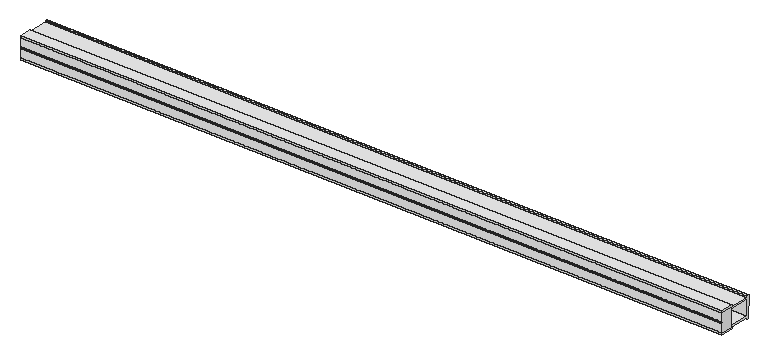
Revit family "4070763+4070746 Feilo Sylvania Lighting Fixture CURSUS 1161MM 871LM OVAL LED 4K with CONTINUOUS WALL HOUSING", category Lighting Fixtures, host Face, Revit 2017
Family settings
  Host = Face
  Round Connector Dimension = Use Diameter
  Part Type = Normal
  OmniClass Number = 23.80.70.14
  OmniClass Title = Luminaries for External Lighting
  Cut with Voids When Loaded = Yes
  Light Source = Yes
  Shared = Yes
  Room Calculation Point = No
Parameters (values of type "4070763 CURSUS 1161MM 871LM OVAL LED 4K")
  Width_FEILO = 35 mm
  Weight = "2.2 kg"
  Wattage Comments = "n/a"
  Wattage = 18 W
  WarrantyStartDate [instance] = "n/a"
  WarrantyGuarantorParts = "n/a"
  WarrantyDurationUnit = "n/a"
  WarrantyDurationParts = "n/a"
  WarrantyDescription = "n/a"
  WallThickness_FEILO = 2.5 mm
  built-in parameter 1150110 = 1 (stored number, unit not read)
  Voltage = 24 V
  URL = "http://www.sylvania-lighting.com"
  TypeName = "CURSUS 1161MM 871LM OVAL LED 4K"
  Type Image = <None>
  Type Comments = "n/a"
  built-in parameter 1114217 = 1 (stored number, unit not read)
  Tilt Angle = -90.00°
  built-in parameter 1150109 = 1 (stored number, unit not read)
  built-in parameter 1150134 = 12
  built-in parameter 1150113 = 1 (stored number, unit not read)
  SerialNumber [instance] = "n/a"
  ReflectorMaterial = none
  PowerFactor = 0
  PowerConsumption = "18 W"
  Photometric Web File = "4070763.ies"
  NominalLength = 1161 mm
  NominalHeight = 50 mm
  NominalDepth = 30 mm
  Name = "CURSUS 1161MM 871LM OVAL LED 4K"
  ModelReference = Name  # "CURSUS 1161MM 871LM OVAL LED 4K"
  ModelNumber = "4070763"
  Model = Name  # "CURSUS 1161MM 871LM OVAL LED 4K"
  Material = "natural anodised extruded aluminium structure housing, optical system with pmma lenses diffuser"
  ManufacturerName = "Feilo Sylvania"
  Manufacturer = "Feilo Sylvania"
  LuminousEfficacy = "48.38 lm/W"
  built-in parameter 1150105 = 1192.8 (stored number, unit not read)
  Lumens = 871 lm
  LuminaireType = ""
  built-in parameter 1150115 = 1 (stored number, unit not read)
  LightOutputRatio = "100"
  built-in parameter 1150137 = (empty or 0)
  built-in parameter 1150139 = (empty or 0)
  Length_FEILO = 1167 mm
  LampsType = Lamp  # "LED"
  LampNominalLuminous = "871 lm"
  LampMacAdamStep = "n/a"
  LampColourTemperature = "4000 K"
  LampColourRenderingIndex = "80"
  built-in parameter 1150112 = 1 (stored number, unit not read)
  built-in parameter 1150114 = 1 (stored number, unit not read)
  Lamp = "LED"
  Keynote = "16500"
  InstallationDate [instance] = "n/a"
  InputVoltage = "24V DC"
  InputNominalFrequency = "50/60 Hz"
  built-in parameter 1150132 = (empty or 0)
  built-in parameter 1150102 = (empty or 0)
  built-in parameter 1150107 = 4000 (stored number, unit not read)
  built-in parameter 1150138 = (empty or 0)
  IngressProtection = "IP67"
  ImpactProtectionIndex = "IK07"
  built-in parameter 1150106 = 11.928 (stored number, unit not read)
  IfcExportType = "IfcLightFixtureType"
  IfcExportAs = "IfcLightFixtureType"
  ExpectedLife = 50000
  EndCapRight [instance] = no
  EndCapLeft [instance] = no
  Emit from Rectangle Width = Width_FEILO - WallThickness_FEILO * 2  # 30 mm
  Emit from Rectangle Length = Length_FEILO - WallThickness_FEILO * 2  # 1162 mm
  Emit Shape Visible in Rendering = no
  ElectricShockClassification = "Class III"
  built-in parameter 1150104 = 4.4955 (stored number, unit not read)
  DurationUnit = "hours"
  DocumentationLiterature = "http://www.sylvania-lighting.com/product/en-int/products/4070763"
  DimmingControlOptions = "n/a"
  Dimming Lamp Color Temperature Shift = <None>
  DiffuserMaterial = Diffuser-Sylvania-Glow
  Description = "LED Exterior Lighting Recessed Surface Mounted Linear Fixture, Natural anodised extruded aluminium structure. Die-cast aluminium end caps. Installation kit with harmonic steel springs., 871 lm, 18W,  48lm/W, 4000K, CRI80+,non dimmable,IP67, IK07, (HxWxD) 1161x50x30mm, 3 step Mac Adam Ellipse, 2.2kg,, Classe III, 21-25V-DC, energy class : A++, A+, A"
  Default Elevation = 1219.2 mm
  CreatedOn = "1/8/2018"
  CreatedBy = ""
  Cost = 0
  Color Filter = 16777215
  built-in parameter 1114216 [instance] = (empty or 0)
  ClassificationValue = "EF_70_80"
  ClassificationName = "Uniclass2015"
  BodyMaterial = Body-Sylvania-Gray
  BarCode [instance] = "n/a"
  built-in parameter 1114218 = 1 (stored number, unit not read)
  built-in parameter 1150133 = 10 (stored number, unit not read)
  AssetType = "Fixed"
  AssetIdentifier [instance] = "n/a"
  Assembly Code = "D5020200"
  Apparent Load = 18 VA
  AccessoryMaterial = Diffuser-Sylvania-Glow
Reference planes
  plane 1 "Center (Front/Back)": y = 0
  plane 2: z = 0
  plane 3 "Center (Left/Right)": x = 0
  plane 4: x = 583.5
  plane 5: x = -583.5
  plane 6: x = -581
  plane 7: x = 581
  plane 8: z = 35
  plane 9: z = 17.5
  plane 10: z = 32.5
  plane 11: z = 2.5
  plane 12: z = 30
  plane 13: z = 5
  plane 14: y = -55
  plane 15: y = -53
  plane 16: y = -2.5
  plane 17: y = -37
  plane 18: y = -34.5
Forms (mm)
  Extrusion 1, solid, material "Body-Sylvania-Gray" <- "BodyMaterial"
    sketch origin (0, 0, 0) x (0, 1, 0) y (0, 0, 1)
      loop
        line (0, 35) -> (-2.5, 35) -> (-2.5, 32.5) -> (-34.5, 32.5) -> (-34.5, 35) -> (-55, 35) -> (-55, 32.5) -> (-37, 32.5) -> (-37, 30) -> (-2.5, 30) -> (-2.5, 5) -> (-37, 5) -> (-37, 2.5) -> (-55, 2.5) -> (-55, 0) -> (-34.5, 0) -> (-34.5, 2.5) -> (-2.5, 2.5) -> (-2.5, 0) -> (0, 0) -> (0, 35)
    from -581 to 581
  Extrusion 2, solid, material "Diffuser-Sylvania-Glow" <- "DiffuserMaterial"
    sketch origin (0, 0, 0) x (0, 1, 0) y (0, 0, 1)
      loop
        line (-37, 32.5) -> (-55, 32.5) -> (-55, 19.5) -> (-53, 17.5) -> (-55, 15.5) -> (-55, 2.5) -> (-37, 2.5) -> (-37, 32.5)
    from -581 to 581
  Extrusion 3, solid, material "Body-Sylvania-Gray" <- "BodyMaterial", visible <- "EndCapRight"
    sketch origin (581, 1524, 1219.2) x (0, 1, 0) y (0, 0, 1)
      loop
        line (-1579, -1184.2) -> (-1579, -1219.2) -> (-1524, -1219.2) -> (-1524, -1184.2) -> (-1579, -1184.2)
    from 0 to 2.5
  Extrusion 4, solid, material "Body-Sylvania-Gray" <- "BodyMaterial", visible <- "EndCapLeft"
    sketch origin (-581, 1524, 1219.2) x (0, 1, 0) y (0, 0, 1)
      loop
        line (-1579, -1184.2) -> (-1579, -1219.2) -> (-1524, -1219.2) -> (-1524, -1184.2) -> (-1579, -1184.2)
    from -2.5 to 0
Dimensions and locks
  equal spacing: plane 5, plane 3 "Center (Left/Right)", plane 4
  "Length_FEILO": plane 5 to plane 4
  equal spacing: plane 6, plane 3 "Center (Left/Right)", plane 7
  "WallThickness_FEILO": plane 5 to plane 6
  locked: plane 9 to plane 2 at 17.5
  locked: plane 8 to plane 2 at 35
  equal spacing: plane 11, plane 9, plane 10
  equal spacing: plane 13, plane 9, plane 12
  "WallThickness_FEILO": plane 12 to plane 10
  locked: plane 14 to plane 15 at 2
  locked: plane 14 to plane 17 at 18
  "WallThickness_FEILO": plane 17 to plane 18
  "WallThickness_FEILO": plane 16 to plane 1 "Center (Front/Back)"
  locked: plane 15 to Extrusion 2 sketch curve (angle 45.00°)
  locked: Extrusion 2 sketch curve to plane 15 (angle 45.00°)
  aligned and locked: plane 2 to host face
  aligned and locked: level to host face
  aligned and locked: plane 1 "Center (Front/Back)" to Extrusion 1 sketch curve
  aligned and locked: Extrusion 1 sketch curve to plane 8  (x2)
  aligned and locked: plane 16 to Extrusion 1 sketch curve
  aligned and locked: host face to Extrusion 1 sketch curve
  aligned and locked: Extrusion 1 sketch curve to plane 16  (x2)
  aligned and locked: Extrusion 1 sketch curve to plane 11
  aligned and locked: plane 18 to Extrusion 1 sketch curve
  aligned and locked: level to Extrusion 1 sketch curve
  aligned and locked: plane 11 to Extrusion 1 sketch curve
  aligned and locked: Extrusion 1 sketch curve to plane 17
  aligned and locked: plane 13 to Extrusion 1 sketch curve
  aligned and locked: Extrusion 1 sketch curve to plane 12
  aligned and locked: plane 10 to Extrusion 1 sketch curve  (x2)
  aligned and locked: plane 17 to Extrusion 1 sketch curve  (x2)
  aligned and locked: plane 12 to Extrusion 1 sketch curve
  aligned and locked: Extrusion 1 sketch curve to plane 10
  aligned and locked: Extrusion 1 sketch curve to plane 18
  aligned and locked: plane 7 to Extrusion 1
  aligned and locked: Extrusion 1 to plane 6
  aligned and locked: Extrusion 2 sketch curve to Extrusion 1  (x4)
  aligned and locked: Extrusion 1 to Extrusion 2 sketch curve
  aligned and locked: plane 9 to Extrusion 2 sketch curve
  aligned and locked: plane 7 to Extrusion 2
  aligned and locked: Extrusion 2 to plane 6
  aligned and locked: Extrusion 3 sketch curve to Extrusion 1  (x4)
  aligned and locked: plane 4 to Extrusion 3
  aligned and locked: Extrusion 3 to plane 7
  aligned and locked: Extrusion 4 sketch curve to Extrusion 3  (x3)
  aligned and locked: Extrusion 4 sketch curve to Extrusion 1
  aligned and locked: Extrusion 4 to plane 5
  aligned and locked: plane 6 to Extrusion 4
  aligned and locked: plane 14 to imposter light
  aligned and locked: imposter light to plane 9
  aligned and locked: plane 3 "Center (Left/Right)" to imposter light
Automatic sketch dimensions
  host sketch curve to host sketch curve = 2438.4 mm  (x2)
  Extrusion 1 sketch curve to plane 14 = 0 mm  (x2)
  Extrusion 2 sketch curve to plane 15 = 0 mm
Connectors
  electrical at (0, 0, 0), driven by "Apparent Load", driven by "PowerFactor", driven by "Voltage"
    settings: index 1, voltage 24 V, apparent load 18 VA, apparent load phase1 0 VA, apparent load phase2 0 VA, apparent load phase3 0 VA, power factor 0, load classification "Lighting", number of poles 1, system type 30, power factor state 1, is connector primary yes, connector utility no, sub classification motor no, connector description ""
